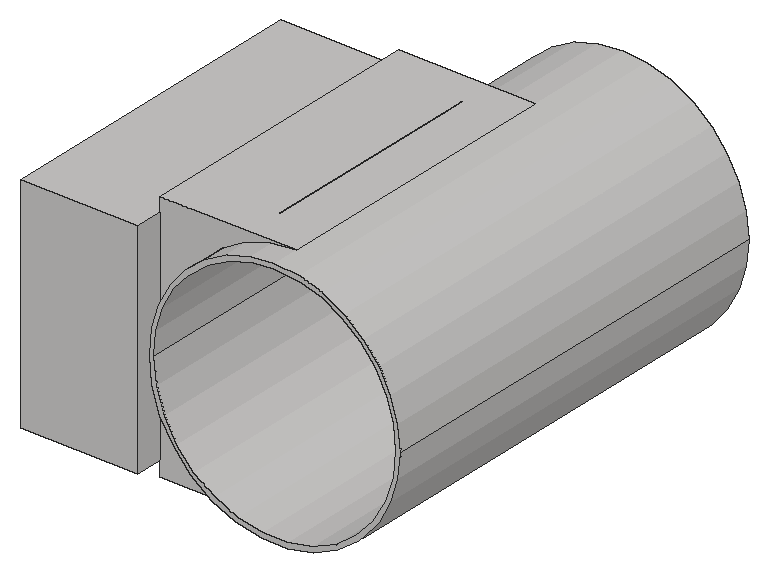
Revit family
Parameters
  Unit Weight = "25.0 lbs"
  URL = "http://www.titus-hvac.com/"
  Static Pressure [instance] = 0.00 in-wg
  Nominal Width = 1' - 9"
  Nominal Length = 2' - 0"
  Nominal Inlet Size = 1' - 2"
  Nominal Inlet Length = 2' - 0"
  Nominal Height = 1' - 1 7/8"
  Model = "DECV"
  Min. Air Flow = 0 CFM
  Max. Air Flow = 3000 CFM
  Material = Steel
  Manufacturer = "Titus"
  Inlet Radius = 0' - 6 15/16"
  Inlet Opening Radius = 0' - 6 11/16"
  Inlet Offset = 0' - 6"
  Inlet Extrusion Radius = 0' - 6 15/16"
  Inlet Diameter = 1' - 1 7/8"
  Inlet = Duct D / 2  # 0' - 6 15/16"
  Duct D = 1' - 1 7/8"
  Design Air Flow [instance] = 0 CFM
  Description = "Digital Control Terminal Unit, Retrofit, Variable Volume"
  Control Box Offset = 0' - 7 9/16"
  CADworks URL = "www.CADworks.net"
  Assembly Code = "D3040100"
Reference planes (in)
  plane 1 "Center (Front/Back)": y = 0
  plane 2: z = 0
  plane 3 "Center (Left/Right)": x = 0
  plane 4: x = -7.5625
  plane 5: y = 6
  plane 6: y = 12
  plane 7: y = -12
  plane 8: y = -8
  plane 9: z = 6.125
  plane 10: z = -6.125
  plane 11: z = -6.9375
  plane 12: z = 6.9375
  plane 13: x = -14.0625
  plane 14: x = 6.9375
Forms (in)
  Extrusion 1, solid, material "Steel" <- "Material"
    sketch origin (0, 6, 0) x (-1, 0, 0) y (0, 0, -1)
      loop
        line (7.5625, -6.125) -> (14.0625, -6.125) -> (14.0625, 6.125) -> (7.5625, 6.125) -> (7.5625, -6.125)
    from 0 to 18
  Extrusion 2, solid, material "Steel" <- "Material"
    sketch origin (0, 10, 0) x (1, 0, 0) y (0, 0, 1)
      loop
        line (-7.5625, -6.9375) -> (0, -6.9375)
        arc (0, -6.9375) -> (-6.9375, 0) -> (0, 6.9375) r 6.9375
        line (0, 6.9375) -> (-7.5625, 6.9375) -> (-7.5625, -6.9375)
    from 4 to 20.5
  Extrusion 3, solid, material "Steel" <- "Material"
    sketch origin (0, -8.5, 0) x (1, 0, 0) y (0, 0, 1)
      loop
        circle (0, 0) r 6.9375
    from -20.5 to 3.5
  Extrusion 4, void
    sketch origin (0, -12, 0) x (-1, 0, 0) y (0, 0, 1)
      loop
        circle (0, 0) r 6.6875
    from 0 to 24
Cuts and joins
  Extrusion 4 cuts Extrusion 2
  Extrusion 4 cuts Extrusion 3
Dimensions and locks (in)
  locked: Extrusion 1 to Extrusion 1 at 18
  locked: Extrusion 3 sketch curve to level at 0
  locked: Extrusion 3 sketch curve to plane 3 "Center (Left/Right)" at 0
  "Control Box Offset": plane 3 "Center (Left/Right)" to Extrusion 1
  locked: Extrusion 1 sketch curve to Extrusion 1 sketch curve at 6.5
  locked: Extrusion 1 sketch curve to Extrusion 1 sketch curve at 12.25
  equal spacing: Extrusion 1 sketch curve, plane 2, Extrusion 1 sketch curve
  "Inlet Offset": plane 6 to plane 5
  locked: Extrusion 1 to plane 5 at 0
  "Inlet Diameter": Extrusion 2 sketch curve to Extrusion 2 sketch curve
  equal spacing: Extrusion 2 sketch curve, plane 2, Extrusion 2 sketch curve
  "Control Box Offset": plane 4 to plane 3 "Center (Left/Right)"
  "Inlet Offset": plane 6 to cut or joined group of Extrusion 2, Extrusion 4
  locked: cut or joined group of Extrusion 3, Extrusion 4 to plane 6 at 0
  "Nominal Inlet Length": cut or joined group of Extrusion 3, Extrusion 4 to cut or joined group of Extrusion 3, Extrusion 4
  equal spacing: cut or joined group of Extrusion 3, Extrusion 4, plane 1 "Center (Front/Back)", cut or joined group of Extrusion 3, Extrusion 4
  "Nominal Inlet Length": plane 7 to plane 6
  equal spacing: plane 7, plane 1 "Center (Front/Back)", plane 6
  locked: plane 7 to cut or joined group of Extrusion 2, Extrusion 4 at 1.5
  locked: plane 8 to plane 6 at 20
  locked: plane 9 to plane 10 at 12.25
  "Inlet Radius": radius of Extrusion 3 sketch curve
  "Inlet Extrusion Radius": radius of Extrusion 2 sketch curve
  "Inlet Opening Radius": radius of Extrusion 4 sketch curve
  aligned and locked: plane 3 "Center (Left/Right)" to connector elem
  aligned and locked: connector elem to plane 3 "Center (Left/Right)"
  aligned and locked: cut or joined group of Extrusion 2, Extrusion 4 to Extrusion 1  (x2)
  aligned and locked: plane 3 "Center (Left/Right)" to Extrusion 2 sketch curve
  aligned and locked: plane 4 to Extrusion 1
Automatic sketch dimensions
  plane 4 to Extrusion 1 sketch curve = 0' - 0"
  Extrusion 2 sketch curve to plane 4 = 0' - 0"
Connectors (in)
  hvac at (0, -12, 0), driven by "Design Air Flow", driven by "Inlet", driven by "Static Pressure"
    settings: on cut or joined group of Extrusion 3, Extrusion 4, index 1
  hvac at (0, 12, 0), driven by "Static Pressure", driven by "Design Air Flow", driven by "Inlet"
    settings: on cut or joined group of Extrusion 3, Extrusion 4, index 2
